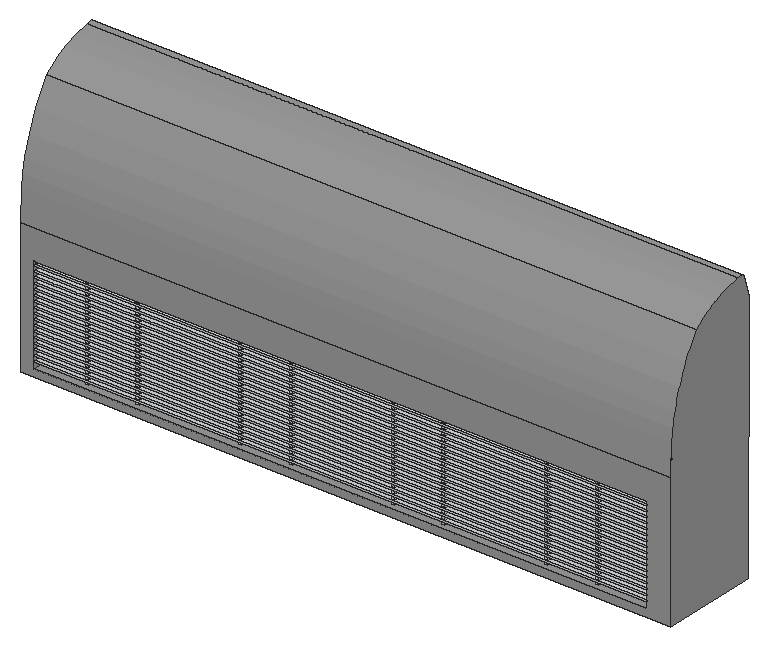
Revit family "GMV-ND112-160ZDB-T", category 机械设备, Revit 2014
Parameters
  unit width = 1569.991 mm
  unit height = 665 mm
  unit depth = 234.964 mm
Reference planes
  plane 1 "中心(前/后)": y = 0
  plane 2: z = 0
  plane 3 "中心(左/右)": x = 0
  plane 4: z = 665
Forms (mm)
  Extrusion 1, solid, material "cabinet"
    sketch origin (0, 0, 0) x (0, 1, 0) y (0, 0, 1)
      loop
        line (-115, 0) -> (119.964, 0) -> (119.964, 612.814) -> (105.074, 661.518) -> (102.152, 665) -> (89.308, 663.707)
        spline (89.308, 663.707) -> (74.922, 661.089) -> (63.302, 658.369) -> (52.948, 655.442) -> (42.852, 652.222) -> (33.02, 648.668) -> (23.585, 644.742) -> (14.669, 640.438) -> (6.33, 635.929) -> (-1.396, 631.449) -> (-8.869, 626.888) -> (-19.162, 619.744) -> (-36.49, 606.515)
        spline (-36.49, 606.515) -> (-54.249, 577.092) -> (-67.405, 551.788) -> (-77.398, 529.895) -> (-85.19, 510.219) -> (-91.577, 491.432) -> (-97.059, 472.347) -> (-101.922, 451.907) -> (-106.001, 431.633) -> (-108.479, 416.723) -> (-110.005, 402.143) -> (-112.301, 374.148) -> (-115, 321.342)
        line (-115, 321.342) -> (-115, 0)
    from -783.979 to 786.013
  Extrusion 2, void
    sketch origin (0, 0, 0) x (1, 0, 0) y (0, 0, 1)
      loop
        line (-750.589, 252.343) -> (-750.589, 18.31) -> (728.374, 18.31) -> (728.374, 252.343) -> (-750.589, 252.343)
    from 82.005 to 179.288
  Extrusion 3, solid
    sketch origin (0, 0, 0) x (1, 0, 0) y (0, 0, 1)
      loop
        line (-750.589, 244.539) -> (-750.589, 240.215) -> (728.374, 240.215) -> (728.374, 244.539) -> (-750.589, 244.539)
    from 84.534 to 115
  Extrusion 4, solid
    sketch origin (0, 0, -12.882) x (1, 0, 0) y (0, 0, 1)
      loop
        line (-750.589, 244.539) -> (-750.589, 240.215) -> (728.374, 240.215) -> (728.374, 244.539) -> (-750.589, 244.539)
    from 84.534 to 115
  Extrusion 5, solid
    sketch origin (0, 0, -25.485) x (1, 0, 0) y (0, 0, 1)
      loop
        line (-750.589, 244.539) -> (-750.589, 240.215) -> (728.374, 240.215) -> (728.374, 244.539) -> (-750.589, 244.539)
    from 84.534 to 115
  Extrusion 6, solid
    sketch origin (0, 0, -39.096) x (1, 0, 0) y (0, 0, 1)
      loop
        line (-750.589, 244.539) -> (-750.589, 240.215) -> (728.374, 240.215) -> (728.374, 244.539) -> (-750.589, 244.539)
    from 84.534 to 115
  Extrusion 7, solid
    sketch origin (0, 0, -52) x (1, 0, 0) y (0, 0, 1)
      loop
        line (-750.589, 244.539) -> (-750.589, 240.215) -> (728.374, 240.215) -> (728.374, 244.539) -> (-750.589, 244.539)
    from 84.534 to 115
  Extrusion 8, solid
    sketch origin (0, 0, -64.882) x (1, 0, 0) y (0, 0, 1)
      loop
        line (-750.589, 244.539) -> (-750.589, 240.215) -> (728.374, 240.215) -> (728.374, 244.539) -> (-750.589, 244.539)
    from 84.534 to 115
  Extrusion 9, solid
    sketch origin (0, 0, -77.485) x (1, 0, 0) y (0, 0, 1)
      loop
        line (-750.589, 244.539) -> (-750.589, 240.215) -> (728.374, 240.215) -> (728.374, 244.539) -> (-750.589, 244.539)
    from 84.534 to 115
  Extrusion 10, solid
    sketch origin (0, 0, -91.096) x (1, 0, 0) y (0, 0, 1)
      loop
        line (-750.589, 244.539) -> (-750.589, 240.215) -> (728.374, 240.215) -> (728.374, 244.539) -> (-750.589, 244.539)
    from 84.534 to 115
  Extrusion 11, solid
    sketch origin (0, 0, -104) x (1, 0, 0) y (0, 0, 1)
      loop
        line (-750.589, 244.539) -> (-750.589, 240.215) -> (728.374, 240.215) -> (728.374, 244.539) -> (-750.589, 244.539)
    from 84.534 to 115
  Extrusion 12, solid
    sketch origin (0, 0, -116.882) x (1, 0, 0) y (0, 0, 1)
      loop
        line (-750.589, 244.539) -> (-750.589, 240.215) -> (728.374, 240.215) -> (728.374, 244.539) -> (-750.589, 244.539)
    from 84.534 to 115
  Extrusion 13, solid
    sketch origin (0, 0, -129.485) x (1, 0, 0) y (0, 0, 1)
      loop
        line (-750.589, 244.539) -> (-750.589, 240.215) -> (728.374, 240.215) -> (728.374, 244.539) -> (-750.589, 244.539)
    from 84.534 to 115
  Extrusion 14, solid
    sketch origin (0, 0, -143.096) x (1, 0, 0) y (0, 0, 1)
      loop
        line (-750.589, 244.539) -> (-750.589, 240.215) -> (728.374, 240.215) -> (728.374, 244.539) -> (-750.589, 244.539)
    from 84.534 to 115
  Extrusion 15, solid
    sketch origin (0, 0, -116.882) x (1, 0, 0) y (0, 0, 1)
      loop
        line (-750.589, 244.539) -> (-750.589, 240.215) -> (728.374, 240.215) -> (728.374, 244.539) -> (-750.589, 244.539)
    from 84.534 to 115
  Extrusion 16, solid
    sketch origin (0, 0, -129.764) x (1, 0, 0) y (0, 0, 1)
      loop
        line (-750.589, 244.539) -> (-750.589, 240.215) -> (728.374, 240.215) -> (728.374, 244.539) -> (-750.589, 244.539)
    from 84.534 to 115
  Extrusion 17, solid
    sketch origin (0, 0, -142.367) x (1, 0, 0) y (0, 0, 1)
      loop
        line (-750.589, 244.539) -> (-750.589, 240.215) -> (728.374, 240.215) -> (728.374, 244.539) -> (-750.589, 244.539)
    from 84.534 to 115
  Extrusion 18, solid
    sketch origin (0, 0, -155.978) x (1, 0, 0) y (0, 0, 1)
      loop
        line (-750.589, 244.539) -> (-750.589, 240.215) -> (728.374, 240.215) -> (728.374, 244.539) -> (-750.589, 244.539)
    from 84.534 to 115
  Extrusion 19, solid
    sketch origin (0, 0, -155.978) x (1, 0, 0) y (0, 0, 1)
      loop
        line (-750.589, 244.539) -> (-750.589, 240.215) -> (728.374, 240.215) -> (728.374, 244.539) -> (-750.589, 244.539)
    from 84.534 to 115
  Extrusion 20, solid
    sketch origin (0, 0, -168.86) x (1, 0, 0) y (0, 0, 1)
      loop
        line (-750.589, 244.539) -> (-750.589, 240.215) -> (728.374, 240.215) -> (728.374, 244.539) -> (-750.589, 244.539)
    from 84.534 to 115
  Extrusion 21, solid
    sketch origin (0, 0, -181.464) x (1, 0, 0) y (0, 0, 1)
      loop
        line (-750.589, 244.539) -> (-750.589, 240.215) -> (728.374, 240.215) -> (728.374, 244.539) -> (-750.589, 244.539)
    from 84.534 to 115
  Extrusion 22, solid
    sketch origin (0, 0, -195.075) x (1, 0, 0) y (0, 0, 1)
      loop
        line (-750.589, 244.539) -> (-750.589, 240.215) -> (728.374, 240.215) -> (728.374, 244.539) -> (-750.589, 244.539)
    from 84.534 to 115
  Extrusion 23, solid
    sketch origin (0, 0, -208) x (1, 0, 0) y (0, 0, 1)
      loop
        line (-750.589, 244.539) -> (-750.589, 240.215) -> (728.374, 240.215) -> (728.374, 244.539) -> (-750.589, 244.539)
    from 84.534 to 115
  Extrusion 24, solid
    sketch origin (0, 0, 0) x (1, 0, 0) y (0, 0, 1)
      loop
        line (-630.991, 252.343) -> (-630.991, 25.059) -> (-623.652, 25.059) -> (-623.652, 252.343) -> (-630.991, 252.343)
      loop
        line (-507.885, 252.343) -> (-507.885, 25.059) -> (-500.546, 25.059) -> (-500.546, 252.343) -> (-507.885, 252.343)
      loop
        line (-261.218, 252.343) -> (-261.218, 25.059) -> (-253.879, 25.059) -> (-253.879, 252.343) -> (-261.218, 252.343)
      loop
        line (-137.885, 252.343) -> (-137.885, 25.059) -> (-130.546, 25.059) -> (-130.546, 252.343) -> (-137.885, 252.343)
      loop
        line (108.07, 252.343) -> (108.07, 25.059) -> (115.409, 25.059) -> (115.409, 252.343) -> (108.07, 252.343)
      loop
        line (230.223, 252.343) -> (230.223, 25.059) -> (237.562, 25.059) -> (237.562, 252.343) -> (230.223, 252.343)
      loop
        line (478.782, 252.343) -> (478.782, 25.059) -> (486.121, 25.059) -> (486.121, 252.343) -> (478.782, 252.343)
      loop
        line (602.115, 252.343) -> (602.115, 25.059) -> (609.454, 25.059) -> (609.454, 252.343) -> (602.115, 252.343)
    from 102.773 to 110
Cuts and joins
  Extrusion 2 cuts Extrusion 1
Dimensions and locks
  "unit width": cut or joined group of Extrusion 1, Extrusion 2 to cut or joined group of Extrusion 1, Extrusion 2
  "unit depth": cut or joined group of Extrusion 1, Extrusion 2 to cut or joined group of Extrusion 1, Extrusion 2
  "unit height": plane 4 to level
  aligned and locked: level to plane 2
Automatic sketch dimensions
  Extrusion 1 sketch curve to level = 0 mm
  Extrusion 1 sketch curve to plane 4 = 0 mm
  plane 1 "中心(前/后)" to Extrusion 1 sketch curve = 115 mm
  plane 1 "中心(前/后)" to Extrusion 1 sketch curve = 36.49 mm
  Extrusion 1 sketch curve to plane 4 = 1.293 mm
  Extrusion 1 sketch curve to plane 1 "中心(前/后)" = 89.308 mm
  Extrusion 1 sketch curve to Extrusion 1 sketch curve = 12.844 mm
  Extrusion 1 sketch curve to plane 4 = 3.482 mm
  Extrusion 1 sketch curve to Extrusion 1 sketch curve = 2.922 mm
  Extrusion 1 sketch curve to plane 1 "中心(前/后)" = 119.964 mm
  level to Extrusion 1 sketch curve = 321.342 mm
  Extrusion 1 sketch curve to plane 4 = 58.485 mm
  Extrusion 1 sketch curve to Extrusion 1 sketch curve = 48.704 mm
  level to Extrusion 2 sketch curve = 18.31 mm
  Extrusion 2 sketch curve to plane 3 "中心(左/右)" = 750.589 mm
  plane 3 "中心(左/右)" to Extrusion 2 sketch curve = 728.374 mm
  Extrusion 2 sketch curve to Extrusion 2 sketch curve = 234.033 mm
  level to Extrusion 3 sketch curve = 240.215 mm
  Extrusion 3 sketch curve to plane 3 "中心(左/右)" = 750.589 mm
  plane 3 "中心(左/右)" to Extrusion 3 sketch curve = 728.374 mm
  Extrusion 3 sketch curve to Extrusion 3 sketch curve = 4.323 mm
  level to Extrusion 4 sketch curve = 227.333 mm
  Extrusion 4 sketch curve to plane 3 "中心(左/右)" = 750.589 mm
  plane 3 "中心(左/右)" to Extrusion 4 sketch curve = 728.374 mm
  Extrusion 4 sketch curve to Extrusion 4 sketch curve = 4.323 mm
  level to Extrusion 5 sketch curve = 214.73 mm
  Extrusion 5 sketch curve to plane 3 "中心(左/右)" = 750.589 mm
  plane 3 "中心(左/右)" to Extrusion 5 sketch curve = 728.374 mm
  Extrusion 5 sketch curve to Extrusion 5 sketch curve = 4.323 mm
  level to Extrusion 6 sketch curve = 201.119 mm
  Extrusion 6 sketch curve to plane 3 "中心(左/右)" = 750.589 mm
  plane 3 "中心(左/右)" to Extrusion 6 sketch curve = 728.374 mm
  Extrusion 6 sketch curve to Extrusion 6 sketch curve = 4.323 mm
  level to Extrusion 7 sketch curve = 188.215 mm
  Extrusion 7 sketch curve to plane 3 "中心(左/右)" = 750.589 mm
  plane 3 "中心(左/右)" to Extrusion 7 sketch curve = 728.374 mm
  Extrusion 7 sketch curve to Extrusion 7 sketch curve = 4.323 mm
  level to Extrusion 8 sketch curve = 175.333 mm
  Extrusion 8 sketch curve to plane 3 "中心(左/右)" = 750.589 mm
  plane 3 "中心(左/右)" to Extrusion 8 sketch curve = 728.374 mm
  Extrusion 8 sketch curve to Extrusion 8 sketch curve = 4.323 mm
  level to Extrusion 9 sketch curve = 162.73 mm
  Extrusion 9 sketch curve to plane 3 "中心(左/右)" = 750.589 mm
  plane 3 "中心(左/右)" to Extrusion 9 sketch curve = 728.374 mm
  Extrusion 9 sketch curve to Extrusion 9 sketch curve = 4.323 mm
  level to Extrusion 10 sketch curve = 149.119 mm
  Extrusion 10 sketch curve to plane 3 "中心(左/右)" = 750.589 mm
  plane 3 "中心(左/右)" to Extrusion 10 sketch curve = 728.374 mm
  Extrusion 10 sketch curve to Extrusion 10 sketch curve = 4.323 mm
  level to Extrusion 11 sketch curve = 136.215 mm
  Extrusion 11 sketch curve to plane 3 "中心(左/右)" = 750.589 mm
  plane 3 "中心(左/右)" to Extrusion 11 sketch curve = 728.374 mm
  Extrusion 11 sketch curve to Extrusion 11 sketch curve = 4.323 mm
  level to Extrusion 12 sketch curve = 123.333 mm
  Extrusion 12 sketch curve to plane 3 "中心(左/右)" = 750.589 mm
  plane 3 "中心(左/右)" to Extrusion 12 sketch curve = 728.374 mm
  Extrusion 12 sketch curve to Extrusion 12 sketch curve = 4.323 mm
  level to Extrusion 13 sketch curve = 110.73 mm
  Extrusion 13 sketch curve to plane 3 "中心(左/右)" = 750.589 mm
  plane 3 "中心(左/右)" to Extrusion 13 sketch curve = 728.374 mm
  Extrusion 13 sketch curve to Extrusion 13 sketch curve = 4.323 mm
  level to Extrusion 14 sketch curve = 97.119 mm
  Extrusion 14 sketch curve to plane 3 "中心(左/右)" = 750.589 mm
  plane 3 "中心(左/右)" to Extrusion 14 sketch curve = 728.374 mm
  Extrusion 14 sketch curve to Extrusion 14 sketch curve = 4.323 mm
  level to Extrusion 15 sketch curve = 123.333 mm
  Extrusion 15 sketch curve to plane 3 "中心(左/右)" = 750.589 mm
  plane 3 "中心(左/右)" to Extrusion 15 sketch curve = 728.374 mm
  Extrusion 15 sketch curve to Extrusion 15 sketch curve = 4.323 mm
  level to Extrusion 16 sketch curve = 110.451 mm
  Extrusion 16 sketch curve to plane 3 "中心(左/右)" = 750.589 mm
  plane 3 "中心(左/右)" to Extrusion 16 sketch curve = 728.374 mm
  Extrusion 16 sketch curve to Extrusion 16 sketch curve = 4.323 mm
  level to Extrusion 17 sketch curve = 97.848 mm
  Extrusion 17 sketch curve to plane 3 "中心(左/右)" = 750.589 mm
  plane 3 "中心(左/右)" to Extrusion 17 sketch curve = 728.374 mm
  Extrusion 17 sketch curve to Extrusion 17 sketch curve = 4.323 mm
  level to Extrusion 18 sketch curve = 84.237 mm
  Extrusion 18 sketch curve to plane 3 "中心(左/右)" = 750.589 mm
  plane 3 "中心(左/右)" to Extrusion 18 sketch curve = 728.374 mm
  Extrusion 18 sketch curve to Extrusion 18 sketch curve = 4.323 mm
  level to Extrusion 19 sketch curve = 84.237 mm
  Extrusion 19 sketch curve to plane 3 "中心(左/右)" = 750.589 mm
  plane 3 "中心(左/右)" to Extrusion 19 sketch curve = 728.374 mm
  Extrusion 19 sketch curve to Extrusion 19 sketch curve = 4.323 mm
  level to Extrusion 20 sketch curve = 71.355 mm
  Extrusion 20 sketch curve to plane 3 "中心(左/右)" = 750.589 mm
  plane 3 "中心(左/右)" to Extrusion 20 sketch curve = 728.374 mm
  Extrusion 20 sketch curve to Extrusion 20 sketch curve = 4.323 mm
  level to Extrusion 21 sketch curve = 58.752 mm
  Extrusion 21 sketch curve to plane 3 "中心(左/右)" = 750.589 mm
  plane 3 "中心(左/右)" to Extrusion 21 sketch curve = 728.374 mm
  Extrusion 21 sketch curve to Extrusion 21 sketch curve = 4.323 mm
  level to Extrusion 22 sketch curve = 45.14 mm
  Extrusion 22 sketch curve to plane 3 "中心(左/右)" = 750.589 mm
  plane 3 "中心(左/右)" to Extrusion 22 sketch curve = 728.374 mm
  Extrusion 22 sketch curve to Extrusion 22 sketch curve = 4.323 mm
  level to Extrusion 23 sketch curve = 32.215 mm
  Extrusion 23 sketch curve to plane 3 "中心(左/右)" = 750.589 mm
  plane 3 "中心(左/右)" to Extrusion 23 sketch curve = 728.374 mm
  Extrusion 23 sketch curve to Extrusion 23 sketch curve = 4.323 mm
  level to Extrusion 24 sketch curve = 25.059 mm  (x8)
  Extrusion 24 sketch curve to plane 3 "中心(左/右)" = 630.991 mm
  Extrusion 24 sketch curve to Extrusion 24 sketch curve = 7.339 mm  (x8)
  Extrusion 24 sketch curve to Extrusion 24 sketch curve = 115.768 mm
  Extrusion 24 sketch curve to Extrusion 24 sketch curve = 239.328 mm
  Extrusion 24 sketch curve to Extrusion 24 sketch curve = 115.994 mm  (x2)
  plane 3 "中心(左/右)" to Extrusion 24 sketch curve = 108.07 mm
  Extrusion 24 sketch curve to Extrusion 24 sketch curve = 114.815 mm
  Extrusion 24 sketch curve to Extrusion 24 sketch curve = 241.219 mm
  Extrusion 24 sketch curve to Extrusion 24 sketch curve = 227.285 mm  (x4)
  Extrusion 24 sketch curve to Extrusion 24 sketch curve = 0 mm  (x4)
